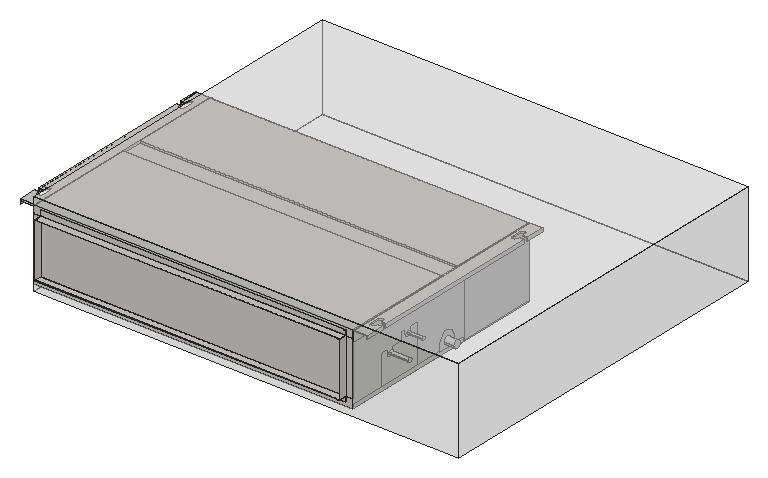
Revit family "outputfile", category 機械設備, Revit 2024
Family settings
  丸型コネクタ寸法 = 半径を使用
  パーツ タイプ = 標準
  OmniClass 番号 = 23.75.10.24.21.27.27
  OmniClass タイトル = Split System Air Conditioning Units
  作業面ベース = いいえ
  常に垂直 = はい
  ロード時にボイドで切り取り = いいえ
  注釈の向きを維持 = いいえ
  共有 = いいえ
  部屋計算ポイント = はい
Parameters (values of type "CDKS25CVMA")
  Description = ""
  書き出し IFC クラス(タイプ) = "IfcUnitaryEquipmentType"
  定義済み IFC タイプ(タイプ) = "AIRCONDITIONINGUNIT"
  Cost = 0
  Type Comments = ""
  Keynote = ""
  Type Image = (empty or 0)
  Assembly Code = ""
  switch_frequency = yes
  ld_powersupply = Depth / 2  # 310.0 mm
  製造元 = "Daikin"
  モデル = "CDKS25CVMA"
  r_Liquid Pipe Size = Liquid Pipe Size / 2  # 3.2 mm
  r_Gas Pipe Size = Gas Pipe Size / 2  # 4.75 mm
  r_Drain Pipe Size = Drain Pipe Size / 2  # 10.0 mm
  lw_powersupply = 50.0 mm  # constant formula
  lw_ductflange2 = 820.0 mm
  lw_Width = 860.0 mm
  lh_suctionflange [instance] = 100.0 mm  # constant formula
  ld_suctionflange [instance] = if(Rear Connection_Return Air, 190.0 mm, 100.0 mm)  # 190.0 mm
  connector_voltage = Voltage_50Hz  # 230 V
  connector_powerinput = [Power Input (Cooling)]  # 0.000 kW
  connector_phase = Phase_50Hz  # 1
  angle_vertical_RA [instance] = if(Rear Connection_Return Air, 90.00°, 0.00°)  # 90.00°
  angle horizontal_RA [instance] = if(Rear Connection_Return Air, 180.00°, 270.00°)  # 180.00°
  Voltage_comment_50Hz = "220 - 240"
  Voltage_50Hz = 230 V
  URL = ""
  Supply Air Direction [instance] = yes
  Sound Power Level_H speed (dB) = 0
  Rear Connection_Return Air [instance] = not(Bottom Connection_Return Air)  # yes
  RA_length [instance] = if(Rear Connection_Return Air, 190.0 mm, 100.0 mm)  # 190.0 mm
  Phase_50Hz = 1
  Minimum External Static Pressure = 0.00 Pa
  Minimum Circuit Amps_50Hz = 0.0 A
  Maximum Fuse Amps_50Hz = 0.0 A
  Maximum External Static Pressure = 40.00 Pa
  Material_Casing = DAIKIN_GalvanizedSteel_Casing_indoorunit
  lw_liquidpipe = 46.0 mm  # constant formula
  lw_gaspipe = 57.0 mm  # constant formula
  lw_mountinghole = 940.0 mm
  lw_drainpipe = 30.0 mm  # constant formula
  lh_powersupply = 150.0 mm  # constant formula
  lh_liquidpipe = 90.0 mm  # constant formula
  lh_gaspipe = 113.0 mm  # constant formula
  lh_mountinghole = Height  # 200.0 mm
  lh_drainpipe = 170.0 mm  # constant formula
  lh_antena = 1.0 mm  # constant formula
  ld_liquidpipe = 193.0 mm  # constant formula
  ld_gaspipe = 130.0 mm  # constant formula
  ld_mountinghole = 500.0 mm  # constant formula
  ld_drainpipe = 330.0 mm  # constant formula
  ld_controlbox = 626.0 mm  # constant formula
  h*** = 0.0 mm  # constant formula
  d_dischargeflange = 21.2 mm  # constant formula
  Width = 900.0 mm
  Version = "ver.1.0"
  Unit Type = "Duct (L.S.P)"
  Unit Mass Weight = 25.00 kg
  Unit Designation [instance] = ""
  Uniclass2015Version = "Products v1.30"
  Uniclass2015Title = "Split coil room air conditioning units"
  Uniclass2015Code = "Pr_70_65_03_86"
  Total Cooling Capacity [instance] = 0.000 kW
  Sound Pressure Level_M speed (dBA) = 33
  Sound Pressure Level_L speed (dBA) = 31
  Sound Pressure Level_H speed (dBA) = 35
  Series = "Multi Split_Fan Coil Unit"
  Sensible Cooling Capacity [instance] = 0.000 kW
  SA Duct Size Width = 860.0 mm
  SA Duct Size Height = 153.0 mm
  Refrigerant Type = "R410A"
  RA Duct Size Width = 780.0 mm
  RA Duct Size Height = 160.0 mm
  Power Input (Cooling) = 0.000 kW
  Option Accessory 3 [instance] = ""
  Option Accessory 2 [instance] = ""
  Option Accessory 1 [instance] = ""
  Nominal Cooling Capacity = 2.500 kW
  Minimum Airflow = 480.00 m³/h
  Median Airflow = 528.00 m³/h
  Maximum Airflow = 570.00 m³/h
  Load Classification = HVAC
  Liquid Pipe Size = 6.4 mm
  Link_Nested Family [instance] = ""
  IfcVersion = ""
  IfcExportType = "AIRCONDITIONINGUNIT"
  IfcExportAs = "IfcUnitaryEquipmentType"
  Height = 200.0 mm
  Heat Exchanger Type = "Cross Fin Coil"
  Gas Pipe Size = 9.5 mm
  Frequency_50Hz = 50 Hz
  Fan Type = "Sirocco Fan"
  Fan Drive = "Direct Drive"
  FCU Tag No. [instance] = ""
  Drain Pipe Size = 20.0 mm
  Design Supply Airflow [instance] = 0.00 m³/h
  Design Return Airflow [instance] = 0.00 m³/h
  Design External Static Pressure [instance] = 0.00 Pa
  Depth = 620.0 mm
  既定の高さ = 0.0 mm
  Cooling Entering Wet Bulb Temperature [instance] = 0.00 °C
  Cooling Entering Dry Bulb Temperature [instance] = 0.00 °C
  Cooling Ambient Wet Bulb Temperature [instance] = 0.00 °C
  Cooling Ambient Dry Bulb Temperature [instance] = 0.00 °C
  Clearance visibility [instance] = yes
  Clearance Top = 20.0 mm
  Clearance Right = 300.0 mm
  Clearance Rear = 400.0 mm
  Clearance Left = 0.0 mm
  Clearance Front = 0.0 mm
  Clearance Bottom = 20.0 mm
  Bottom Connection_Return Air [instance] = no
Reference planes
  plane 1 "Center (Front/Back)": y = 0
  plane 2: z = 0
  plane 3 "Center (Left/Right)": x = 0
  plane 4 "Back": y = 310
  plane 5 "Front": y = -310
  plane 6 "Left": x = -450
  plane 7 "Right": x = 450
  plane 8 "Top": z = 0
  plane 9 "Bottom": z = -200
  plane 10: x = -470
  plane 11: x = 470
  plane 12: y = 250
  plane 13: z = 0
  plane 14 "Clearance Left": x = -450
  plane 15 "Clearance Right": x = 750
  plane 16 "Clearance Rear": y = 710
  plane 17 "Clearance Front": y = -310
  plane 18 "Clearance Top": z = 20
  plane 19 "Clearance Bottom": z = -220
  plane 20: y = -250
  plane 21: z = -21
  plane 22: z = -97.5
  plane 23: x = -40
  plane 24: y = 120
  plane 25: z = -100
  plane 26: y = -180
  plane 27: z = -113
  plane 28: y = -117
  plane 29: z = -90
  plane 30: y = 20
  plane 31: z = -170
  plane 32: x = 507
  plane 33: x = 496
  plane 34: x = 480
  plane 35: x = 400
  plane 36: z = -150
Forms (mm)
  Extrusion 1, solid, material "DAIKIN_GalvanizedSteel_Casing_indoorunit" <- "Material_Casing"
    sketch origin (0, 0, 0) x (1, 0, 0) y (0, 1, 0)
      loop
        line (-450, -310) -> (450, -310) -> (450, 310) -> (-450, 310) -> (-450, -310)
    from -200 to 0
  Extrusion 2, void
    sketch origin (0, 0, 1) x (1, 0, 0) y (0, 1, 0)
      loop
        line (-450, 61.5) -> (-450, 3.5) -> (450, 3.5) -> (450, 61.5) -> (-450, 61.5)
    from -1 to -7
  Extrusion 3, solid, material "DAIKIN_GalvanizedSteel_Casing_indoorunit" <- "Material_Casing", visible <- "Bottom Connection_Return Air"
    sketch origin (0, 0, 0) x (1, 0, 0) y (0, 0, 1)
      loop
        line (369, -200) -> (369, -1) -> (-449, -1) -> (-449, -200) -> (369, -200)
    from -310 to -309
  Extrusion 4, solid, material "DAIKIN_GalvanizedSteel_Casing_indoorunit" <- "Material_Casing", visible <- "Rear Connection_Return Air"
    sketch origin (0, 0, 0) x (1, 0, 0) y (0, 1, 0)
      loop
        line (-449, 310) -> (-449, 111) -> (369, 111) -> (369, 310) -> (-449, 310)
    from -200 to -199
  Extrusion 5, solid, material "DAIKIN_GalvanizedSteel_Casing_indoorunit" <- "Material_Casing"
    sketch origin (450, 0, 0) x (0, 1, 0) y (0, 0, 1)
      loop
        circle (-180, -113) r 4.75
    from 0 to 57
  Extrusion 6, solid, material "DAIKIN_GalvanizedSteel_Casing_indoorunit" <- "Material_Casing"
    sketch origin (450, 0, 0) x (0, 1, 0) y (0, 0, 1)
      loop
        circle (-117, -90) r 3.2
    from 0 to 46
  Extrusion 7, solid, material "DAIKIN_GalvanizedSteel_Casing_indoorunit" <- "Material_Casing"
    sketch origin (450, 0, 0) x (0, 1, 0) y (0, 0, 1)
      loop
        circle (20, -170) r 10
    from 0 to 30
  Extrusion 8, solid, material "DAIKIN_GalvanizedSteel_Casing_indoorunit" <- "Material_Casing"
    sketch origin (450, 0, 0) x (0, 1, 0) y (0, 0, 1)
      loop
        line (-310, -200) -> (78.6, -200) -> (78.6, -193)
        arc (78.6, -193) -> (77.721, -190.879) -> (75.6, -190) r 3
        line (75.6, -190) -> (-310, -190) -> (-310, -200)
    from 0 to -1
  Extrusion 9, solid, material "DAIKIN_GalvanizedSteel_Casing_indoorunit" <- "Material_Casing"
    sketch origin (450, 0, 0) x (0, 1, 0) y (0, 0, 1)
      loop
        line (-210, -190) -> (-85.6, -190) -> (-85.6, -83)
        arc (-85.6, -83) -> (-86.479, -80.879) -> (-88.6, -80) r 3
        line (-88.6, -80) -> (-102, -80)
        arc (-102, -80) -> (-104.121, -80.879) -> (-105, -83) r 3
        line (-105, -83) -> (-105, -90)
        arc (-105, -90) -> (-117, -102) -> (-129, -90) r 12
        line (-129, -90) -> (-129, -83)
        arc (-129, -83) -> (-129.879, -80.879) -> (-132, -80) r 3
        line (-132, -80) -> (-136.1, -80)
        arc (-136.1, -80) -> (-138.221, -80.879) -> (-139.1, -83) r 3
        line (-139.1, -83) -> (-139.1, -102.7) -> (-165, -102.7)
        arc (-165, -102.7) -> (-167.121, -103.579) -> (-168, -105.7) r 3
        line (-168, -105.7) -> (-168, -113)
        arc (-168, -113) -> (-180, -125) -> (-192, -113) r 12
        line (-192, -113) -> (-192, -105.7)
        arc (-192, -105.7) -> (-192.879, -103.579) -> (-195, -102.7) r 3
        line (-195, -102.7) -> (-207, -102.7)
        arc (-207, -102.7) -> (-209.121, -103.579) -> (-210, -105.7) r 3
        line (-210, -105.7) -> (-210, -190)
    from 0 to -1
  Extrusion 10, solid, material "DAIKIN_GalvanizedSteel_Casing_indoorunit" <- "Material_Casing"
    sketch origin (450, 0, 0) x (0, 1, 0) y (0, 0, 1)
      loop
        arc (44.5, -170) -> (20, -145.5) -> (-4.5, -170) r 24.5
        line (-4.5, -170) -> (-4.5, -190) -> (44.5, -190) -> (44.5, -170)
    from 0 to -1
  Extrusion 11, solid, material "DAIKIN_GalvanizedSteel_Casing_indoorunit" <- "Material_Casing"
    sketch origin (450, 0, 0) x (0, 1, 0) y (0, 0, 1)
      loop
        arc (86.6, -22) -> (84.479, -22.879) -> (83.6, -25) r 3
        line (83.6, -25) -> (83.6, -194.5)
        arc (83.6, -194.5) -> (84.479, -196.621) -> (86.6, -197.5) r 3
        line (86.6, -197.5) -> (307, -197.5)
        arc (307, -197.5) -> (309.121, -196.621) -> (310, -194.5) r 3
        line (310, -194.5) -> (310, -25)
        arc (310, -25) -> (309.121, -22.879) -> (307, -22) r 3
        line (307, -22) -> (86.6, -22)
    from 0 to -1
Cuts and joins
  Extrusion 2 cuts Extrusion 1
Dimensions and locks
  "Height": plane 8 "Top" to plane 9 "Bottom"
  equal spacing: plane 10, plane 3 "Center (Left/Right)", plane 11
  "lw_mountinghole": plane 10 to plane 11
  equal spacing: plane 6 "Left", plane 3 "Center (Left/Right)", plane 7 "Right"
  "Width": plane 6 "Left" to plane 7 "Right"
  "Clearance Right": plane 7 "Right" to plane 15 "Clearance Right"
  "Clearance Left": plane 14 "Clearance Left" to plane 6 "Left"
  "Clearance Rear": plane 16 "Clearance Rear" to plane 4 "Back"
  "Clearance Front": plane 5 "Front" to plane 17 "Clearance Front"
  "Clearance Top": plane 18 "Clearance Top" to plane 8 "Top"
  "Clearance Bottom": plane 9 "Bottom" to plane 19 "Clearance Bottom"
  "Depth": plane 4 "Back" to plane 5 "Front"
  equal spacing: plane 4 "Back", plane 1 "Center (Front/Back)", plane 5 "Front"
  Extrusion 3 sketch curve to Extrusion 3 sketch curve = 199.0 mm
  locked: plane 20 to plane 5 "Front" at 60
  "ld_mountinghole": plane 12 to plane 20
  locked: plane 8 "Top" to plane 21 at 21
  locked: plane 23 to plane 3 "Center (Left/Right)" at 40
  "ld_suctionflange": plane 4 "Back" to plane 24
  "lh_suctionflange": plane 8 "Top" to plane 25
  "ld_gaspipe": plane 26 to plane 5 "Front"
  "lh_gaspipe": plane 8 "Top" to plane 27
  "ld_liquidpipe": plane 28 to plane 5 "Front"
  "lh_liquidpipe": plane 8 "Top" to plane 29
  "ld_drainpipe": plane 30 to plane 5 "Front"
  "lh_drainpipe": plane 8 "Top" to plane 31
  "lw_gaspipe": plane 7 "Right" to plane 32
  "lw_liquidpipe": plane 7 "Right" to plane 33
  "lw_drainpipe": plane 7 "Right" to plane 34
  "lw_powersupply": plane 35 to plane 7 "Right"
  "lh_powersupply": plane 8 "Top" to plane 36
  "r_Gas Pipe Size": radius of Extrusion 5 sketch curve
  "r_Liquid Pipe Size": radius of Extrusion 6 sketch curve
  "r_Drain Pipe Size": radius of Extrusion 7 sketch curve
  aligned and locked: level to plane 2
  aligned and locked: Extrusion 1 to plane 9 "Bottom"
  aligned and locked: plane 8 "Top" to Extrusion 1
  aligned and locked: plane 11 to nested 2
  aligned and locked: plane 10 to nested 3
  aligned and locked: plane 10 to nested 4
  aligned and locked: plane 8 "Top" to Extrusion 2
  aligned and locked: plane 9 "Bottom" to Extrusion 4  (x2)
  aligned and locked: plane 7 "Right" to cut or joined group of Extrusion 1, Extrusion 2  (x2)
  aligned and locked: plane 3 "Center (Left/Right)" to nested 9
  aligned and locked: plane 6 "Left" to nested 7
  aligned and locked: plane 8 "Top" to nested 9
  aligned and locked: plane 11 to nested 1
  aligned and locked: nested 6 to plane 1 "Center (Front/Back)"
  aligned and locked: plane 3 "Center (Left/Right)" to nested 6
  aligned and locked: level to plane 8 "Top"
  aligned and locked: plane 1 "Center (Front/Back)" to nested 9
  aligned and locked: plane 5 "Front" to nested 10
  aligned and locked: Extrusion 1 sketch curve to plane 5 "Front"
  aligned and locked: plane 21 to nested 10
  aligned and locked: nested 5 to plane 5 "Front"
  aligned and locked: plane 3 "Center (Left/Right)" to nested 5
  aligned and locked: plane 22 to nested 5
  aligned and locked: Extrusion 2 sketch curve to plane 6 "Left"
  aligned and locked: plane 7 "Right" to Extrusion 2 sketch curve
  aligned and locked: nested 11 to plane 23
  aligned and locked: nested 11 to plane 24
  aligned and locked: plane 27 to Extrusion 5 sketch curve
  aligned and locked: plane 26 to Extrusion 5 sketch curve
  aligned and locked: plane 28 to Extrusion 6 sketch curve
  aligned and locked: plane 29 to Extrusion 6 sketch curve
  aligned and locked: plane 31 to Extrusion 7 sketch curve
  aligned and locked: plane 30 to Extrusion 7 sketch curve
  aligned and locked: plane 26 to nested 12
  aligned and locked: nested 12 to plane 27
  aligned and locked: plane 32 to Extrusion 5
  aligned and locked: plane 32 to nested 12
  aligned and locked: plane 33 to Extrusion 6
  aligned and locked: plane 28 to nested 13
  aligned and locked: nested 13 to plane 29
  aligned and locked: plane 33 to nested 13
  aligned and locked: plane 34 to Extrusion 7
  aligned and locked: plane 30 to nested 14
  aligned and locked: nested 14 to plane 31
  aligned and locked: plane 34 to nested 14
  aligned and locked: Extrusion 8 sketch curve to plane 9 "Bottom"
  aligned and locked: Extrusion 8 sketch curve to plane 5 "Front"
  aligned and locked: plane 14 "Clearance Left" to nested 15
  aligned and locked: plane 15 "Clearance Right" to nested 15
  aligned and locked: plane 16 "Clearance Rear" to nested 15
  aligned and locked: nested 15 to plane 17 "Clearance Front"
  aligned and locked: nested 15 to plane 18 "Clearance Top"
  aligned and locked: nested 15 to plane 19 "Clearance Bottom"
  aligned and locked: nested 16 to plane 35
  aligned and locked: nested 16 to plane 36
  aligned and locked: plane 4 "Back" to nested 16
Automatic sketch dimensions
  Extrusion 1 sketch curve to plane 4 "Back" = 0.0 mm
  Extrusion 1 sketch curve to plane 6 "Left" = 0.0 mm
  Extrusion 1 sketch curve to plane 7 "Right" = 0.0 mm
  Extrusion 4 sketch curve to plane 4 "Back" = 0.0 mm
  plane 6 "Left" to Extrusion 3 sketch curve = 1.0 mm
  plane 6 "Left" to Extrusion 4 sketch curve = 1.0 mm
  Extrusion 4 sketch curve to plane 1 "Center (Front/Back)" = 111.0 mm
  Extrusion 3 sketch curve to plane 9 "Bottom" = 0.0 mm
  Extrusion 3 sketch curve to plane 7 "Right" = 81.0 mm
  Extrusion 4 sketch curve to plane 7 "Right" = 81.0 mm
  Extrusion 2 sketch curve to plane 1 "Center (Front/Back)" = 3.5 mm
  Extrusion 2 sketch curve to Extrusion 2 sketch curve = 58.0 mm
  plane 9 "Bottom" to Extrusion 8 sketch curve = 7.0 mm
  Extrusion 8 sketch curve to plane 24 = 44.4 mm
  Extrusion 8 sketch curve to Extrusion 8 sketch curve = 3.0 mm
  Extrusion 9 sketch curve to plane 27 = 0.0 mm
  Extrusion 9 sketch curve to plane 26 = 0.0 mm
  Extrusion 9 sketch curve to plane 29 = 0.0 mm
  Extrusion 9 sketch curve to plane 28 = 0.0 mm
  Extrusion 9 sketch curve to plane 26 = 12.0 mm
  Extrusion 9 sketch curve to plane 25 = 2.7 mm  (x2)
  Extrusion 9 sketch curve to Extrusion 9 sketch curve = 3.0 mm  (x6)
  Extrusion 9 sketch curve to Extrusion 9 sketch curve = 12.0 mm
  plane 9 "Bottom" to Extrusion 9 sketch curve = 10.0 mm
  Extrusion 9 sketch curve to plane 26 = 30.0 mm
  Extrusion 9 sketch curve to plane 28 = 22.1 mm
  Extrusion 9 sketch curve to Extrusion 9 sketch curve = 4.1 mm
  plane 29 to Extrusion 9 sketch curve = 7.0 mm  (x2)
  Extrusion 9 sketch curve to Extrusion 9 sketch curve = 13.4 mm
  Extrusion 10 sketch curve to plane 30 = 0.0 mm
  Extrusion 10 sketch curve to plane 31 = 0.0 mm
  plane 1 "Center (Front/Back)" to Extrusion 10 sketch curve = 4.5 mm
  plane 9 "Bottom" to Extrusion 10 sketch curve = 10.0 mm
  Extrusion 11 sketch curve to plane 4 "Back" = 0.0 mm
  Extrusion 11 sketch curve to Extrusion 11 sketch curve = 3.0 mm  (x3)
  Extrusion 11 sketch curve to plane 21 = 1.0 mm
  Extrusion 11 sketch curve to plane 21 = 4.0 mm
  Extrusion 11 sketch curve to plane 24 = 33.4 mm
  plane 9 "Bottom" to Extrusion 11 sketch curve = 5.5 mm
Nested families
  nested 1: "daikin_mountinghole" at (470, 250, -200), l_antenna <- "lh_antena", Link_Nested Family <- "Link_Nested Family", h_mountinghole <- "lh_mountinghole", type "daikin_mountinghole"
    with show yes, l_antenna 1.0 mm, h_mountinghole 200.0 mm, Link_Nested Family ""
  nested 2: "daikin_mountinghole" at (470, -250, -200), Link_Nested Family <- "Link_Nested Family", l_antenna <- "lh_antena", h_mountinghole <- "lh_mountinghole", type "daikin_mountinghole"
    with show yes, l_antenna 1.0 mm, h_mountinghole 200.0 mm, Link_Nested Family ""
  nested 3: "daikin_mountinghole" at (-470, -250, -200), l_antenna <- "lh_antena", Link_Nested Family <- "Link_Nested Family", h_mountinghole <- "lh_mountinghole", type "daikin_mountinghole"
    with show yes, l_antenna 1.0 mm, h_mountinghole 200.0 mm, Link_Nested Family ""
  nested 4: "daikin_mountinghole" at (-470, 250, -200), l_antenna <- "lh_antena", Link_Nested Family <- "Link_Nested Family", h_mountinghole <- "lh_mountinghole", type "daikin_mountinghole"
    with show yes, l_antenna 1.0 mm, h_mountinghole 200.0 mm, Link_Nested Family ""
  nested 5: "daikin_connector_rotate2" at (0, -310, -97.5), length <- "d_dischargeflange", type "daikin_connector_rotate2"
    with radius 10.0 mm, length 21.2 mm, angle_vertical 90.00°, show_face no
  nested 6: "daikin_△_symbolicline" at (-75, -129.904, 200) x (-0.5, 0.866, 0) z (0, 0, 1), built-in parameter 1001364 <- "Height", visible <- "Supply Air Direction", type "daikin_△_symbolicline"
    with length 300.0 mm
  nested 7: "daikin_ductflange_CDKS-CVMA1" at (-40, 310, -100), visible <- "Rear Connection_Return Air", material <- "Material_Casing", width <- "lw_ductflange2", type "daikin_ductflange_CDKS-CVMA1"
    with width 820.0 mm, material DAIKIN_GalvanizedSteel_Casing_indoorunit, height 180.0 mm, depth 21.2 mm
  nested 8: "daikin_ductflange_CDKS-CVMA1" at (-40, 210, -200) x (1, 0, 0) z (0, 1, 0), visible <- "Bottom Connection_Return Air", material <- "Material_Casing", width <- "lw_ductflange2", type "daikin_ductflange_CDKS-CVMA1"
    with width 820.0 mm, material DAIKIN_GalvanizedSteel_Casing_indoorunit, height 180.0 mm, depth 21.2 mm
  nested 9: "daikin_hangerfixture_CDKS-CVMA" at (0, 0, 0), type "daikin_hangerfixture_CDKS-CVMA"
    with width 900.0 mm
  nested 10: "daikin_ductflange_CDKS-CVMA" at (0, 3.5, -364.201), width <- "lw_Width", material <- "Material_Casing", type "daikin_ductflange_CDKS-CVMA"
    with width 860.0 mm, material DAIKIN_GalvanizedSteel_Casing_indoorunit, height 155.0 mm, depth 21.2 mm
  nested 11: "daikin_connector_rotate3" at (-40, 120, -100), length <- "RA_length", angle_vertical <- "angle_vertical_RA", angle_horizontal <- "angle horizontal_RA", type "daikin_connector_rotate3"
    with show no, radius 10.0 mm, length 190.0 mm, angle_vertical 90.00°, angle_horizontal 180.00°
  nested 12: "daikin_connector_rotate2" at (450, -180, -113) x (0, 1, 0) z (0, 0, 1), length <- "lw_gaspipe", radius <- "r_Gas Pipe Size", type "daikin_connector_rotate2"
    with radius 4.75 mm, length 57.0 mm, angle_vertical 90.00°, show_face no
  nested 13: "daikin_connector_rotate2" at (450, -117, -90) x (0, 1, 0) z (0, 0, 1), radius <- "r_Liquid Pipe Size", length <- "lw_liquidpipe", type "daikin_connector_rotate2"
    with radius 3.2 mm, length 46.0 mm, angle_vertical 90.00°, show_face no
  nested 14: "daikin_connector_rotate2" at (450, 20, -170) x (0, 1, 0) z (0, 0, 1), radius <- "r_Drain Pipe Size", length <- "lw_drainpipe", type "daikin_connector_rotate2"
    with radius 10.0 mm, length 30.0 mm, angle_vertical 90.00°, show_face no
  nested 15: "daikin_clearancespace" at (150, 200, -99.881), visible <- "Clearance visibility", Link_Nested Family <- "Link_Nested Family", show <- "Clearance visibility", type "daikin_clearancespace"
    with width 1200.0 mm, show yes, height 240.0 mm, depth 1020.0 mm, Link_Nested Family ""
  nested 16: "daikin_connector_rotate2" at (400, 0, -150) x (-1, 0, 0) z (0, 0, 1), length <- "ld_powersupply", type "daikin_connector_rotate2"
    with radius 10.0 mm, length 310.0 mm, angle_vertical 90.00°, show_face no
Connectors
  hvac at (0, -331.2, -97.5), driven by "SA Duct Size Height", driven by "SA Duct Size Width"
    settings: on nested 5, index 1, duct flow 0.00 m³/h, flow factor 0, pres drop 0.00 Pa, loss coef 0, conn angle 0.00°, conn width 860.0 mm, conn height 153.0 mm, conn diameter 609.6 mm, duct sys type 1, conn prof type 1, flow config 0, flow direction 2, loss method 4, conn ref index -1, conn util no, is conn primary yes, conn desc "SA Duct"
  hvac at (-40, 310, -100), driven by "RA Duct Size Height", driven by "RA Duct Size Width"
    settings: on nested 11, index 2, duct flow 0.00 m³/h, flow factor 0, pres drop 0.00 Pa, loss coef 0, conn angle 0.00°, conn width 780.0 mm, conn height 160.0 mm, conn diameter 609.6 mm, duct sys type 2, conn prof type 1, flow config 0, flow direction 1, loss method 4, conn ref index -1, conn util no, is conn primary no, conn desc "RA Duct"
  piping at (507, -180, -113), diameter 9.5, driven by "r_Gas Pipe Size"
    settings: on nested 12, index 3, connector inside diameter 609.6 mm, connector length 0.0 mm, flow factor 0, pipe flow 0.00 m³/h, pressure drop 0.0 Pa, fitting loss kfactor 0, connector angle 0.00°, fixture units 0, engagement length 0.0 mm, angle of deflection 0.00°, flow configuration 1, flow direction 2, fitting loss method 0, system type 29, joint type 0, gender type 0, connector reference index -1, connector utility 0, adjustable connector no, is connector primary yes, connector description "Refrigerant Gas Piping"
  piping at (496, -117, -90), diameter 6.4, driven by "r_Liquid Pipe Size"
    settings: on nested 13, index 4, connector inside diameter 609.6 mm, connector length 0.0 mm, flow factor 0, pipe flow 0.00 m³/h, pressure drop 0.0 Pa, fitting loss kfactor 0, connector angle 0.00°, fixture units 0, engagement length 0.0 mm, angle of deflection 0.00°, flow configuration 1, flow direction 1, fitting loss method 0, system type 29, joint type 0, gender type 0, connector reference index -1, connector utility 0, adjustable connector no, is connector primary no, connector description "Refrigerant Liquid Piping"
  piping at (480, 20, -170), diameter 20, driven by "r_Drain Pipe Size"
    settings: on nested 14, index 5, connector inside diameter 609.6 mm, connector length 0.0 mm, flow factor 0, pipe flow 0.00 m³/h, pressure drop 0.0 Pa, fitting loss kfactor 0, connector angle 0.00°, fixture units 0, engagement length 0.0 mm, angle of deflection 0.00°, flow configuration 1, flow direction 2, fitting loss method 4, system type 16, joint type 0, gender type 0, connector reference index -1, connector utility 0, adjustable connector no, is connector primary no, connector description "Condensate Drain Piping"
  electrical at (400, 310, -150), driven by "Load Classification", driven by "connector_powerinput", driven by "connector_phase", driven by "connector_voltage"
    settings: on nested 16, index 6, voltage 230 V, apparent load 0 VA, apparent load phase1 0 VA, apparent load phase2 0 VA, apparent load phase3 0 VA, power factor 1, load classification "HVAC", number of poles 1, system type 30, power factor state 1, is connector primary yes, connector utility no, sub classification motor no, connector description "Power Supply"
Definition of nested family "daikin_ductflange_CDKS-CVMA1"
  Parameters (values of type "daikin_ductflange_CDKS-CVMA1")
    width [instance] = 620.0 mm
    material [instance] = none
    height [instance] = 180.0 mm
    depth [instance] = 21.2 mm
    Default Elevation = 0.0 mm
  Reference planes
    plane 1 "Center (Front/Back)": y = 0
    plane 2: z = 0
    plane 3 "Center (Left/Right)": x = 0
    plane 4: x = -310
    plane 5: x = 310
    plane 6: z = 90
    plane 7: z = -90
    plane 8: z = 100
    plane 9: z = -100
    plane 10: x = -309
    plane 11: x = 309
  Forms (mm)
    Extrusion 1, solid, material <- "material"
      sketch origin (0, 0, 0) x (1, 0, 0) y (0, 0, 1)
        loop
          line (-290, 80) -> (-290, -80) -> (290, -80) -> (290, 80) -> (-290, 80)
        loop
          line (-309, -99) -> (309, -99) -> (309, 99) -> (-309, 99) -> (-309, -99)
      from 0 to 1
  Dimensions and locks
    equal spacing: plane 5, plane 3 "Center (Left/Right)", plane 4, locked at 310 each
    "width": plane 5 to plane 4
    equal spacing: plane 6, level, plane 7, locked at 90 each
    "height": plane 6 to plane 7
    equal spacing: plane 8, level, plane 9, locked at 100 each
    locked: plane 8 to plane 9 at 200
    plane 10 to plane 4 = 1.0 mm
    locked: plane 5 to plane 11 at 1
    locked: Extrusion 1 sketch curve to Extrusion 1 sketch curve at 19  (x4)
    locked: plane 8 to Extrusion 1 sketch curve at 1
    locked: Extrusion 1 sketch curve to plane 9 at 1
    aligned and locked: level to plane 2
  Automatic sketch dimensions
    plane 4 to Extrusion 1 sketch curve = 1.0 mm
    Extrusion 1 sketch curve to plane 5 = 1.0 mm
Definition of nested family "daikin_hangerfixture_CDKS-CVMA"
  Parameters (values of type "daikin_hangerfixture_CDKS-EAVMA")
    width = 700.0 mm
    material = none
    height = 30.0 mm
    depth = 618.0 mm
    Default Elevation = 0.0 mm
  Reference planes
    plane 1 "Center (Front/Back)": y = 0
    plane 2: z = 0
    plane 3 "Center (Left/Right)": x = 0
    plane 4: x = 350
    plane 5: y = 309
    plane 6: y = -309
    plane 7: x = -350
    plane 8: z = -30
  Forms (mm)
    Extrusion 1, solid, material <- "material"
      sketch origin (0, 0, 0) x (1, 0, 0) y (0, 0, 1)
        loop
          line (350, 0) -> (350, -30) -> (352.3, -30) -> (352.3, -2.3) -> (387.7, -2.3) -> (387.7, -10) -> (390, -10) -> (390, 0) -> (350, 0)
      from -309 to 309
    Extrusion 2, void
      sketch origin (0, 0, 0) x (0, 1, 0) y (0, 0, 1)
        loop
          line (309, -30) -> (309, -17.979) -> (87.935, -17.979) -> (75.914, -30) -> (309, -30)
      from 0 to 450
    Extrusion 3, void
      sketch origin (0, 0, 0) x (1, 0, 0) y (0, 1, 0)
        loop
          line (390, -243.5) -> (377, -243.5) -> (377, -237)
          arc (377, -237) -> (370, -230) -> (363, -237) r 7
          line (363, -237) -> (363, -263)
          arc (363, -263) -> (370, -270) -> (377, -263) r 7
          line (377, -263) -> (377, -256.5) -> (390, -256.5) -> (390, -243.5)
        loop
          line (390, 243.5) -> (390, 256.5) -> (377, 256.5) -> (377, 263)
          arc (377, 263) -> (370, 270) -> (363, 263) r 7
          line (363, 263) -> (363, 237)
          arc (363, 237) -> (370, 230) -> (377, 237) r 7
          line (377, 237) -> (377, 243.5) -> (390, 243.5)
      from -254.96 to 618
    Extrusion 4, solid, material <- "material"
      sketch origin (0, 0, 0) x (-1, 0, 0) y (0, 0, -1)
        loop
          line (350, 0) -> (390, 0) -> (390, 10) -> (387.7, 10) -> (387.7, 2.3) -> (352.3, 2.3) -> (352.3, 30) -> (350, 30) -> (350, 0)
      from -309 to 309
    Extrusion 5, void
      sketch origin (0, 0, 0) x (-1, 0, 0) y (0, -1, 0)
        loop
          line (390, 243.5) -> (390, 256.5) -> (377, 256.5) -> (377, 263)
          arc (377, 263) -> (370, 270) -> (363, 263) r 7
          line (363, 263) -> (363, 237)
          arc (363, 237) -> (370, 230) -> (377, 237) r 7
          line (377, 237) -> (377, 243.5) -> (390, 243.5)
        loop
          line (390, -243.5) -> (377, -243.5) -> (377, -237)
          arc (377, -237) -> (370, -230) -> (363, -237) r 7
          line (363, -237) -> (363, -263)
          arc (363, -263) -> (370, -270) -> (377, -263) r 7
          line (377, -263) -> (377, -256.5) -> (390, -256.5) -> (390, -243.5)
      from -254.96 to 618
  Cuts and joins
    Extrusion 2, Extrusion 3, Extrusion 5 cuts Extrusion 1
    Extrusion 5 cuts Extrusion 4
  Dimensions and locks
    equal spacing: plane 5, plane 1 "Center (Front/Back)", plane 6
    "depth": plane 5 to plane 6
    plane 6 to plane 1 "Center (Front/Back)" to plane 5 = 309.0 mm, 309.0 mm
    equal spacing: plane 4, plane 3 "Center (Left/Right)", plane 7
    "width": plane 4 to plane 7
    "height": level to plane 8
    aligned and locked: level to plane 2
    aligned and locked: plane 5 to Extrusion 1
    aligned and locked: Extrusion 1 to plane 6
    aligned and locked: Extrusion 1 to plane 4
    aligned and locked: plane 5 to cut or joined group of Extrusion 1, Extrusion 2, Extrusion 3, Extrusion 5
    aligned and locked: cut or joined group of Extrusion 1, Extrusion 2, Extrusion 3, Extrusion 5 to plane 6
    aligned and locked: level to cut or joined group of Extrusion 1, Extrusion 2, Extrusion 3, Extrusion 5
    aligned and locked: cut or joined group of Extrusion 1, Extrusion 2, Extrusion 3, Extrusion 5 to plane 8
    aligned and locked: plane 5 to cut or joined group of Extrusion 4, Extrusion 5
    aligned and locked: cut or joined group of Extrusion 4, Extrusion 5 to plane 6
  Automatic sketch dimensions
    Extrusion 1 sketch curve to plane 4 = 0.0 mm
    Extrusion 1 sketch curve to plane 8 = 0.0 mm
    Extrusion 1 sketch curve to level = 0.0 mm
    plane 4 to Extrusion 1 sketch curve = 2.3 mm
    Extrusion 1 sketch curve to level = 2.3 mm
    Extrusion 1 sketch curve to Extrusion 1 sketch curve = 35.4 mm
    Extrusion 1 sketch curve to Extrusion 1 sketch curve = 2.3 mm
    Extrusion 1 sketch curve to Extrusion 1 sketch curve = 7.7 mm
    Extrusion 2 sketch curve to plane 8 = 0.0 mm
    Extrusion 2 sketch curve to plane 5 = 0.0 mm
    plane 8 to Extrusion 2 sketch curve = 12.021 mm
    Extrusion 2 sketch curve to plane 1 "Center (Front/Back)" = 87.935 mm
    Extrusion 2 sketch curve to Extrusion 2 sketch curve = 12.021 mm
    plane 4 to Extrusion 3 sketch curve = 13.0 mm  (x2)
    Extrusion 3 sketch curve to Extrusion 3 sketch curve = 7.0 mm  (x4)
    Extrusion 3 sketch curve to Extrusion 3 sketch curve = 13.0 mm  (x4)
    plane 6 to Extrusion 3 sketch curve = 46.0 mm
    Extrusion 3 sketch curve to Extrusion 3 sketch curve = 6.5 mm  (x4)
    Extrusion 3 sketch curve to plane 5 = 72.0 mm
    Extrusion 4 sketch curve to plane 7 = 0.0 mm
    Extrusion 4 sketch curve to plane 8 = 0.0 mm
    Extrusion 4 sketch curve to level = 0.0 mm
    Extrusion 4 sketch curve to plane 7 = 2.3 mm
    Extrusion 4 sketch curve to level = 2.3 mm
    Extrusion 4 sketch curve to Extrusion 4 sketch curve = 35.4 mm
    Extrusion 4 sketch curve to Extrusion 4 sketch curve = 2.3 mm
    Extrusion 4 sketch curve to Extrusion 4 sketch curve = 7.7 mm
    Extrusion 5 sketch curve to plane 7 = 13.0 mm  (x2)
    Extrusion 5 sketch curve to Extrusion 5 sketch curve = 7.0 mm  (x4)
    Extrusion 5 sketch curve to Extrusion 5 sketch curve = 13.0 mm  (x4)
    Extrusion 5 sketch curve to plane 5 = 46.0 mm
    Extrusion 5 sketch curve to Extrusion 5 sketch curve = 6.5 mm  (x4)
    plane 6 to Extrusion 5 sketch curve = 72.0 mm
Definition of nested family "daikin_ductflange_CDKS-CVMA"
  Parameters (values of type "daikin_ductflange_FXDQ-NDVET")
    width [instance] = 660.0 mm
    material [instance] = none
    height [instance] = 155.0 mm
    depth [instance] = 21.2 mm
    Default Elevation = 0.0 mm
  Reference planes
    plane 1 "Center (Front/Back)": y = 0
    plane 2: z = 189.201
    plane 3 "Center (Left/Right)": x = 0
    plane 4: y = -313.5
    plane 5: x = -330
    plane 6: x = 330
    plane 7: y = -334.7
    plane 8: z = 344.201
    plane 9: z = 266.701
    plane 10: z = 343.201
    plane 11: z = 190.201
  Forms (mm)
    Extrusion 1, solid, material <- "material"
      sketch origin (0, 0, 189.201) x (1, 0, 0) y (0, 1, 0)
        loop
          line (-330, -334.7) -> (-330, -313.5) -> (-350, -313.5) -> (-350, -314.5) -> (-331, -314.5) -> (-331, -334.7) -> (-330, -334.7)
        loop
          line (330, -334.7) -> (331, -334.7) -> (331, -314.5) -> (350, -314.5) -> (350, -313.5) -> (330, -313.5) -> (330, -334.7)
      from 1 to 154
    Extrusion 2, solid, material <- "material"
      sketch origin (0, 0, 0) x (0, 1, 0) y (0, 0, 1)
        loop
          line (-313.5, 343.201) -> (-313.5, 358.201) -> (-314.5, 358.201) -> (-314.5, 344.201) -> (-334.7, 344.201) -> (-334.7, 343.201) -> (-313.5, 343.201)
        loop
          line (-313.5, 190.201) -> (-334.7, 190.201) -> (-334.7, 189.201) -> (-314.5, 189.201) -> (-314.5, 175.201) -> (-313.5, 175.201) -> (-313.5, 190.201)
      from -330 to 330
  Dimensions and locks
    plane 4 to plane 1 "Center (Front/Back)" = 313.5 mm
    "depth": plane 7 to plane 4
    equal spacing: plane 8, plane 9, level
    "height": plane 8 to level
    equal spacing: plane 6, plane 3 "Center (Left/Right)", plane 5
    "width": plane 6 to plane 5
    locked: plane 8 to plane 10 at 1
    locked: plane 11 to level at 1
    locked: Extrusion 1 to Extrusion 2 sketch curve at 1
    locked: Extrusion 2 sketch curve to Extrusion 1 at 1
    plane 10 to plane 11 = 153.0 mm
    aligned and locked: level to plane 2
    aligned and locked: Extrusion 2 to plane 5
    aligned and locked: Extrusion 2 to plane 11
    aligned and locked: Extrusion 2 to plane 10
    aligned and locked: plane 6 to Extrusion 2
    aligned and locked: plane 5 to Extrusion 2  (x2)
    aligned and locked: plane 5 to Extrusion 1  (x2)
    aligned and locked: Extrusion 1 to plane 6
    aligned and locked: plane 6 to Extrusion 1
    aligned and locked: Extrusion 1 to plane 10
  Automatic sketch dimensions
    Extrusion 2 sketch curve to plane 7 = 0.0 mm  (x2)
    Extrusion 2 sketch curve to plane 4 = 0.0 mm  (x2)
    Extrusion 2 sketch curve to plane 11 = 0.0 mm
    Extrusion 2 sketch curve to plane 10 = 0.0 mm
    Extrusion 2 sketch curve to plane 4 = 1.0 mm  (x2)
    Extrusion 2 sketch curve to level = 14.0 mm
    plane 8 to Extrusion 2 sketch curve = 14.0 mm
    Extrusion 1 sketch curve to plane 4 = 0.0 mm  (x2)
    Extrusion 1 sketch curve to plane 7 = 0.0 mm  (x2)
    Extrusion 1 sketch curve to plane 5 = 0.0 mm
    Extrusion 1 sketch curve to plane 6 = 0.0 mm
    Extrusion 1 sketch curve to plane 5 = 1.0 mm
    Extrusion 1 sketch curve to Extrusion 1 sketch curve = 19.0 mm  (x2)
    Extrusion 1 sketch curve to Extrusion 1 sketch curve = 1.0 mm
    Extrusion 1 sketch curve to plane 4 = 1.0 mm  (x2)
Definition of nested family "daikin_clearancespace"
  Parameters (values of type "daikin_clearancespace")
    Description = "daikin_clearancespace"
    width [instance] = 1823.963 mm
    show [instance] = yes
    material = none
    height [instance] = 1359.762 mm
    depth [instance] = 880.0 mm
    Default Elevation = 0.0 mm
    Link_Nested Family [instance] = ""
  Reference planes
    plane 1 "Center (Front/Back)": y = 0
    plane 2 "Center (Elevation)": z = -0.119
    plane 3 "Center (Left/Right)": x = 0
    plane 4: y = 440
    plane 5: y = -440
    plane 6 "Right": x = 911.982
    plane 7 "Left": x = -911.982
    plane 8 "Top": z = 679.762
    plane 9 "Bottom": z = -680
  Forms (mm)
    Extrusion 1, solid, material <- "material", visible <- "show"
      sketch origin (0, 0, 0) x (1, 0, 0) y (0, 1, 0)
        loop
          line (-911.982, 440) -> (-911.982, -440) -> (911.982, -440) -> (911.982, 440) -> (-911.982, 440)
      from -680 to 679.762
  Lines and regions (mm)
    symbolic lines, visible <- "show"
      curve 1: line (911.982, 440, 0) -> (-911.982, 440, 0)
      curve 2: line (-911.982, 440, 0) -> (-911.982, -440, 0)
      curve 3: line (-911.982, -440, 0) -> (911.982, -440, 0)
      curve 4: line (911.982, -440, 0) -> (911.982, 440, 0)
      curve 5: line (911.982, 0, 679.762) -> (-911.982, 0, 679.762)
      curve 6: line (911.982, 0, -680) -> (911.982, 0, 679.762)
      curve 7: line (-911.982, 0, -680) -> (911.982, 0, -680)
      curve 8: line (-911.982, 0, 679.762) -> (-911.982, 0, -680)
      curve 9: line (0, 440, 679.762) -> (0, -440, 679.762)
      curve 10: line (0, -440, 679.762) -> (0, -440, -680)
      curve 11: line (0, 440, -680) -> (0, 440, 679.762)
      curve 12: line (0, -440, -680) -> (0, 440, -680)
  Dimensions and locks
    "width": plane 7 "Left" to plane 6 "Right"
    "depth": plane 4 to plane 5
    "height": plane 8 "Top" to plane 9 "Bottom"
    equal spacing: plane 7 "Left", plane 3 "Center (Left/Right)", plane 6 "Right"
    equal spacing: plane 4, plane 1 "Center (Front/Back)", plane 5
    equal spacing: plane 8 "Top", plane 2 "Center (Elevation)", plane 9 "Bottom"
    aligned and locked: level to plane 2 "Center (Elevation)"
    aligned and locked: Extrusion 1 sketch curve to plane 4
    aligned and locked: plane 7 "Left" to Extrusion 1 sketch curve
    aligned and locked: Extrusion 1 sketch curve to plane 5
    aligned and locked: Extrusion 1 sketch curve to plane 6 "Right"
    aligned and locked: plane 8 "Top" to Extrusion 1
    aligned and locked: curve 1 to Extrusion 1
    aligned and locked: curve 2 to Extrusion 1
    aligned and locked: curve 3 to Extrusion 1
    aligned and locked: curve 4 to Extrusion 1
    aligned and locked: curve 5 to Extrusion 1
    aligned and locked: curve 6 to Extrusion 1
    aligned and locked: curve 7 to Extrusion 1
    aligned and locked: curve 8 to Extrusion 1
    aligned and locked: curve 9 to Extrusion 1
    aligned and locked: curve 10 to Extrusion 1
    aligned and locked: curve 11 to Extrusion 1
    aligned and locked: curve 12 to Extrusion 1
    aligned and locked: Extrusion 1 to plane 9 "Bottom"
Definition of nested family "daikin_mountinghole"
  Parameters (values of type "daikin_mountinghole")
    Default Elevation = 1219.2 mm
    Type Comments = "mountinghole"
    show [instance] = yes
    material = none
    l_centerline = 100.0 mm
    l_antenna [instance] = 100.0 mm
    h_mountinghole [instance] = 0.0 mm
    d_circle = 30.0 mm
    Link_Nested Family [instance] = ""
  Reference planes
    plane 1 "Center (Front/Back)": y = 0
    plane 2: z = 0
    plane 3 "Center (Left/Right)": x = 0
    plane 4: y = 50
    plane 5: x = -50
    plane 6: x = 50
    plane 7: y = -50
    plane 8 "h_mountinghole": z = 0
    plane 9: z = 100
  Lines and regions (mm)
    model lines, detail levels fine
      curve 1: circle (0, 0, 0) r 15 normal (0, 0, 1)
      curve 2: line (-50, 0, 0) -> (50, 0, 0)
      curve 3: line (0, 50, 0) -> (0, -50, 0)
    symbolic lines, detail levels fine
      curve 4: circle (0, 0, 0) r 15 normal (0, 0, 1)
      curve 5: line (-50, 0, 0) -> (50, 0, 0)
      curve 6: line (0, 50, 0) -> (0, -50, 0)
    model lines
      curve 7: line (0, 0, 100) -> (0, 0, 0)
  Dimensions and locks
    equal spacing: plane 4, plane 1 "Center (Front/Back)", plane 7
    "l_centerline": plane 4 to plane 7
    equal spacing: plane 5, plane 3 "Center (Left/Right)", plane 6
    "l_centerline": plane 5 to plane 6
    "l_antenna": plane 9 to plane 8 "h_mountinghole"
    "h_mountinghole": plane 8 "h_mountinghole" to plane 2
    "d_circle": diameter of curve 1
    "d_circle": diameter of curve 4
    aligned and locked: level to plane 2
    aligned and locked: plane 1 "Center (Front/Back)" to curve 1
    aligned and locked: plane 3 "Center (Left/Right)" to curve 1
    aligned and locked: plane 1 "Center (Front/Back)" to curve 2
    aligned and locked: curve 3 to plane 3 "Center (Left/Right)"
    aligned and locked: plane 6 to curve 2
    aligned and locked: plane 5 to curve 2
    aligned and locked: plane 4 to curve 3
    aligned and locked: plane 7 to curve 3
    aligned and locked: plane 1 "Center (Front/Back)" to curve 4
    aligned and locked: plane 3 "Center (Left/Right)" to curve 4
    aligned and locked: plane 6 to curve 5
    aligned and locked: plane 5 to curve 5
    aligned and locked: plane 1 "Center (Front/Back)" to curve 5
    aligned and locked: plane 4 to curve 6
    aligned and locked: plane 7 to curve 6
    aligned and locked: curve 6 to plane 3 "Center (Left/Right)"
    aligned and locked: curve 7 to plane 3 "Center (Left/Right)"
    aligned and locked: plane 9 to curve 7
    aligned and locked: plane 8 "h_mountinghole" to curve 7
Definition of nested family "daikin_connector_rotate2"
  Parameters (values of type "daikin_connector_rotate2")
    show_face = yes
    radius [instance] = 10.0 mm
    length [instance] = 600.0 mm
    d_surface = 10.0 mm
    angle_vertical [instance] = 90.00°
    Default Elevation = 0.0 mm
  Reference planes
    plane 1 "Center (Front/Back)": y = 0
    plane 2: z = 0
    plane 3 "Center (Left/Right)": x = 0
  Forms (mm)
    Extrusion 1, solid, visible <- "show_face"
      sketch origin (0, -600, 0) x (1, 0, 0) y (0, 0, 1)
        loop
          circle (0, 0) r 10
      from 0 to -10
  Lines and regions (mm)
    reference lines
      curve 1: line (0, 0, 0) -> (0, -600, 0)
    symbolic lines
      curve 2: circle (0, 0, 0) r 5 normal (0, 0, 1)
    model lines, visible <- "show_face"
      curve 3: line (0, 0, 0) -> (0, -600, 0)
  Dimensions and locks
    "length": curve 1 to curve 1
    "length": curve 3 to curve 3
    "d_surface": Extrusion 1 to Extrusion 1
    "radius": radius of Extrusion 1 sketch curve
    "angle_vertical": angle curve 1 to plane 1 "Center (Front/Back)"
    "angle_vertical": angle curve 3 to plane 1 "Center (Front/Back)"
    aligned and locked: level to plane 2
    aligned and locked: plane 1 "Center (Front/Back)" to curve 1
    aligned and locked: plane 2 to curve 1
    aligned and locked: plane 1 "Center (Front/Back)" to curve 2
    aligned and locked: plane 3 "Center (Left/Right)" to curve 2
    aligned and locked: plane 1 "Center (Front/Back)" to curve 3
    aligned and locked: plane 2 to curve 3
    aligned and locked: Extrusion 1 to Extrusion 1
  Automatic sketch dimensions
    Extrusion 1 sketch curve to level = 0.0 mm
    Extrusion 1 sketch curve to plane 3 "Center (Left/Right)" = 0.0 mm
    radius of curve 2 = 5.0 mm
Definition of nested family "daikin_△_symbolicline"
  Parameters (values of type "daikin_△_symbolicline")
    length [instance] = 500.0 mm
    Default Elevation = 0.0 mm
  Reference planes
    plane 1 "Center (Front/Back)": y = 0
    plane 2: z = 0
    plane 3 "Center (Left/Right)": x = 0
  Lines and regions (mm)
    symbolic lines
      curve 1: line (0, -433.013, 0) -> (250, 0, 0)
      curve 2: line (250, 0, 0) -> (-250, 0, 0)
      curve 3: line (-250, 0, 0) -> (0, -433.013, 0)
  Dimensions and locks
    equal spacing: curve 3, plane 3 "Center (Left/Right)", curve 2
    "length": curve 3 to curve 2
    "length": curve 3 to curve 3
    "length": curve 1 to curve 1
    aligned and locked: level to plane 2
    aligned and locked: curve 2 to plane 1 "Center (Front/Back)"
    aligned and locked: plane 3 "Center (Left/Right)" to curve 3
Definition of nested family "daikin_connector_rotate3"
  Parameters (values of type "daikin_connector_rotate3")
    Default Elevation = 1219.2 mm
    show [instance] = yes
    radius [instance] = 10.0 mm
    length [instance] = 600.0 mm
    angle_horizontal [instance] = 60.00°
    angle_vertical [instance] = 90.00°
  Reference planes
    plane 1 "Center (Front/Back)": y = 0
    plane 2: z = 0
    plane 3 "Center (Left/Right)": x = 0
  Dimensions and locks
    "angle_horizontal": angle plane 3 "Center (Left/Right)" to nested 1
    aligned and locked: level to plane 2
    aligned and locked: plane 1 "Center (Front/Back)" to nested 1  (x2)
    aligned and locked: plane 3 "Center (Left/Right)" to nested 1
  Nested families
    nested 1: "daikin_connector_rotate2" at (0, 0, 0) x (0.5, 0.866, 0) z (0, 0, 1), angle_vertical <- "angle_vertical", length <- "length", radius <- "radius", type "daikin_connector_rotate2"
      with radius 10.0 mm, length 600.0 mm, angle_vertical 90.00°
  Definition of nested family "daikin_connector_rotate2"
    Parameters (values of type "daikin_connector_rotate2")
      show_face = yes
      radius [instance] = 10.0 mm
      length [instance] = 600.0 mm
      d_surface = 10.0 mm
      angle_vertical [instance] = 90.00°
      Default Elevation = 0.0 mm
    Reference planes
      plane 1 "Center (Front/Back)": y = 0
      plane 2: z = 0
      plane 3 "Center (Left/Right)": x = 0
    Forms (mm)
      Extrusion 1, solid, visible <- "show_face"
        sketch origin (0, -600, 0) x (1, 0, 0) y (0, 0, 1)
          loop
            circle (0, 0) r 10
        from 0 to -10
    Lines and regions (mm)
      reference lines
        curve 1: line (0, 0, 0) -> (0, -600, 0)
      symbolic lines
        curve 2: circle (0, 0, 0) r 5 normal (0, 0, 1)
      model lines, visible <- "show_face"
        curve 3: line (0, 0, 0) -> (0, -600, 0)
    Dimensions and locks
      "length": curve 1 to curve 1
      "length": curve 3 to curve 3
      "d_surface": Extrusion 1 to Extrusion 1
      "radius": radius of Extrusion 1 sketch curve
      "angle_vertical": angle curve 1 to plane 1 "Center (Front/Back)"
      "angle_vertical": angle curve 3 to plane 1 "Center (Front/Back)"
      aligned and locked: level to plane 2
      aligned and locked: plane 1 "Center (Front/Back)" to curve 1
      aligned and locked: plane 2 to curve 1
      aligned and locked: plane 1 "Center (Front/Back)" to curve 2
      aligned and locked: plane 3 "Center (Left/Right)" to curve 2
      aligned and locked: plane 1 "Center (Front/Back)" to curve 3
      aligned and locked: plane 2 to curve 3
      aligned and locked: Extrusion 1 to Extrusion 1
    Automatic sketch dimensions
      Extrusion 1 sketch curve to level = 0.0 mm
      Extrusion 1 sketch curve to plane 3 "Center (Left/Right)" = 0.0 mm
      radius of curve 2 = 5.0 mm
